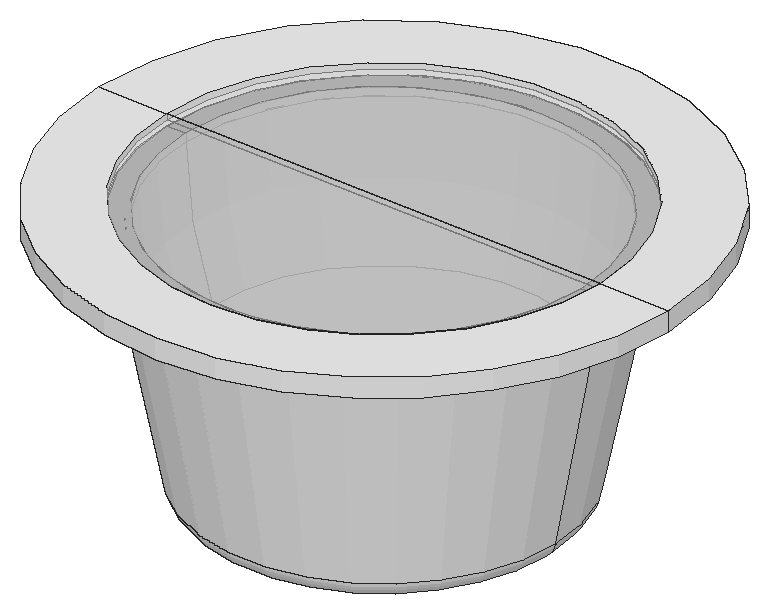
Revit family "2060542+2039013 Sylvania Lighting Fixture ASCENT 100 II ARCH 1000 3K DALI 160 with IP54 PC Cover", category Lighting Fixtures, host Face, Revit 2016
Family settings
  Host = Face
  Part Type = Normal
  Round Connector Dimension = Use Diameter
  OmniClass Number = 23.80.70.11.17
  OmniClass Title = Specialized Lighting by Location or Use
  Cut with Voids When Loaded = No
  Light Source = Yes
  Shared = No
  Room Calculation Point = No
Parameters (values of type "2060542+2039013 ASCT100 II ARCH 1000 3K DALI 160 with IP54 PC Cover")
  WidthBezelAcc_SYL = 25.0 mm
  Weight = "1.2 kg"
  Wattage = 7 W
  WarrantyStartDate [instance] = "n/a"
  WarrantyGuarantorParts = "n/a"
  WarrantyDurationUnit = "n/a"
  WarrantyDurationParts = "n/a"
  WarrantyDescription = "n/a"
  built-in parameter 1150110 = 1 (stored number, unit not read)
  Voltage = 0 V
  VisibilityAccessory_SYL = yes
  TypeName = "ASCENT 100 II ARCH 1000 3K DALI 160 with IP54 PC Cover"
  built-in parameter 1114217 = 1 (stored number, unit not read)
  Tilt Angle = -90°
  built-in parameter 1150109 = 1 (stored number, unit not read)
  built-in parameter 1150134 = (empty or 0)
  built-in parameter 1150113 = 1 (stored number, unit not read)
  SerialNumber [instance] = "n/a"
  ReflectorRadius_SYL = Radius_SYL - 14.5 mm  # 80.0 mm
  RadiusAcc_SYL = 105.0 mm
  Radius_SYL = 94.5 mm
  URL = "http://www.sylvania-lighting.com"
  PowerFactor = 0
  PowerConsumption = "7 W"
  Photometric Web File = "2060542.ies"
  NominalWidth = 0.0 mm
  NominalLength = 0.0 mm
  NominalHeight = 94.0 mm
  Name = "ASCENT 100 II ARCH 1000 3K DALI 160 with IP54 PC Cover"
  ModelReference = "ASCENT 100 II ARCH 1000 3K DALI 160 with IP54 PC Cover"
  ModelNumber = "2060542+2039013"
  Material_4_SYL = none
  Material_3_SYL = Polycarbonate_Sylvania_Ascent_Clear
  Material_2_SYL = Aluminium_Sylvania_Ascent_Silver
  Material_1_SYL = Aluminum_Sylvania_Ascent_White
  Material = "aluminium housing, arcylic diffuser"
  ManufacturerName = "Feilo Sylvania"
  LuminousEfficacy = "138 lm/W"
  built-in parameter 1150105 = 76.872 (stored number, unit not read)
  Lumens = 966 lm
  LuminaireType = ""
  built-in parameter 1150115 = 1 (stored number, unit not read)
  LightOutputRatio = "100"
  built-in parameter 1150137 = (empty or 0)
  built-in parameter 1150139 = (empty or 0)
  LampsType = Lamp  # "LED"
  LampNominalLuminous = "968 lm"
  LampMacAdamStep = "3"
  LampColourTemperature = "3000 K"
  LampColourRenderingIndex = "80"
  built-in parameter 1150112 = 1 (stored number, unit not read)
  built-in parameter 1150114 = 1 (stored number, unit not read)
  Keynote = "16500"
  InstallationDate [instance] = "n/a"
  InputVoltage = "n/a"
  InputNominalFrequency = "n/a"
  built-in parameter 1150132 = (empty or 0)
  built-in parameter 1150102 = (empty or 0)
  built-in parameter 1150107 = 3000 (stored number, unit not read)
  built-in parameter 1150138 = (empty or 0)
  IngressProtection = "IP54"
  ImpactProtectionIndex = "IK02"
  built-in parameter 1150106 = 0.76872 (stored number, unit not read)
  IfcExportType = "IfcLightFixtureType"
  IfcExportAs = "IfcLightFixtureType"
  Height_SYL = 94.0 mm
  HeightAcc_SYL = 7.0 mm
  ExpectedLife = 50000
  EmittionSurface_SYL = if(VisibilityAccessory_SYL, 7.0 mm, 3.0 mm)  # 7.0 mm
  Emit from Circle Diameter = DiffuserRadius_SYL * 2  # 146.0 mm
  Emit Shape Visible in Rendering = no
  ElectricShockClassification = "Class II"
  built-in parameter 1150104 = 12.821 (stored number, unit not read)
  DurationUnit = "hours"
  DocumentationLiterature = "http://www.sylvania-lighting.com/product/en-int/products/2060542"
  DimmingControlOptions = "n/a"
  Dimming Lamp Color Temperature Shift = <None>
  DiffuserRadius_SYL = ReflectorRadius_SYL - 7.0 mm  # 73.0 mm
  Diameter_SYL = 2 * Radius_SYL  # 189.0 mm
  CutoutDiameter_SYL = Diameter_SYL - 13.0 mm  # 176.0 mm
  CreatedOn = "9/17/2018"
  CreatedBy = "@sylvania-lighting.com"
  Color Filter = 16777215
  built-in parameter 1114216 [instance] = 1 (stored number, unit not read)
  Model = "ASCENT 100 II ARCH 1000 3K DALI 160 with IP54 PC Cover"
  Manufacturer = "Feilo Sylvania"
  Lamp = "LED"
  Description = "Direct LED retro fit for original LED 100 Arch (160) single CFL lamp offering Matching lumen levels and improved light distribution of original LED 100 CFL lamp equivalents Typically half the power consumption compared to CFL Up to 112lm/W 160mm aperture Architectural reflector accepts range of glass accessories from existing LED 100 Arch 160 offering HE, HO and VHO versions equivalent of single 1 x 18W, 1 x 32W, 1 x 42W\r\n Additional VVHO versions which offer the performance circa 2 x 32W equivalent"  # constant formula
  Default Elevation = 0.0 mm
  built-in parameter 1140040 [instance] = 1
  BarCode [instance] = "n/a"
  built-in parameter 1114218 = 1 (stored number, unit not read)
  built-in parameter 1150133 = 10 (stored number, unit not read)
  AssetType = "Fixed"
  AssetIdentifier [instance] = "n/a"
  Assembly Code = "D5020200"
  Apparent Load = 7 VA
  Aperture_SYL = 2 * ReflectorRadius_SYL  # 160.0 mm
Reference planes
  plane 1 "Center (Front/Back)": y = 0
  plane 2: z = 0
  plane 3 "Center (Left/Right)": x = 0
  plane 4 "Fixture Bottom": z = 3
  plane 5: z = -52.5
  plane 6 "Fixture Top": z = -91
  plane 7: x = -105
  plane 8: z = 7
  plane 9: x = -80
  plane 10: z = 5
  plane 11: x = -103
Forms (mm)
  Extrusion 1, solid, material "Aluminum_Sylvania_Ascent_White", detail levels fine
    sketch origin (0, 0, 0) x (1, 0, 0) y (0, 1, 0)
      loop
        circle (0, 0) r 94.5
      loop
        circle (0, 0) r 80
    from 0 to 3
  Extrusion 2, void
    sketch origin (0, 0, 0) x (1, 0, 0) y (0, 1, 0)
      loop
        circle (0, 0) r 88
    from -91 to 3
  Revolve 3, solid, material "Aluminum_Sylvania_Ascent_White" <- "Material_1_SYL", detail levels fine
    sketch origin (0, 0, 0) x (1, 0, 0) y (0, 0, 1)
      loop
        line (0, -91.073) -> (0, -89.023) -> (-55.468, -89.014)
        arc (-55.468, -89.014) -> (-59.352, -87.613) -> (-61.54, -84.139) r 6.307
        line (-61.54, -84.139) -> (-77.991, -2.844) -> (-77.991, 0) -> (-80, 0) -> (-80, -3) -> (-63.5, -84.536)
        arc (-63.5, -84.536) -> (-60.643, -89.203) -> (-55.5, -91.073) r 8.291
        line (-55.5, -91.073) -> (0, -91.073)
      axis (0, 0) -> (0, -91.073)
    angle from 0 to 360
  Revolve 4, solid, material "Aluminium_Sylvania_Ascent_Silver" <- "Material_2_SYL", detail levels fine
    sketch origin (0, 0, 0) x (1, 0, 0) y (0, 0, 1)
      loop
        line (-80, 3) -> (-80, 0) -> (-75, 0)
        arc (-75, 0) -> (-72.349, -26.77) -> (-64.5, -52.5) r 136.5
        line (-64.5, -52.5) -> (-58, -52.5)
        arc (-58, -52.5) -> (-56.857, -61.521) -> (-53.5, -69.971) r 36.166
        line (-53.5, -69.971) -> (0, -69.971) -> (0, -50.5) -> (-63.16, -50.5)
        arc (-63.16, -50.5) -> (-70.517, -25.725) -> (-73, 0) r 134.5
        line (-73, 0) -> (-73, 3) -> (-80, 3)
      axis (0, 3) -> (0, -69.971)
    angle from 0 to 360
  Extrusion 5, solid, material "Polycarbonate_Sylvania_Ascent_Clear" <- "Material_3_SYL", detail levels fine
    sketch origin (0, 0, 0) x (1, 0, 0) y (0, 1, 0)
      loop
        circle (0, 0) r 73
    from 0 to 3
  Revolve 6, solid, material "Aluminum_Sylvania_Ascent_White" <- "Material_1_SYL", detail levels coarse+medium
    sketch origin (0, 0, 0) x (1, 0, 0) y (0, 0, 1)
      loop
        line (0, -91.073) -> (0, 3) -> (-94.5, 3) -> (-94.5, 0) -> (-79.5, 0) -> (-79.5, -3) -> (-63, -84.536)
        arc (-63, -84.536) -> (-60.143, -89.203) -> (-55, -91.073) r 8.291
        line (-55, -91.073) -> (0, -91.073)
      axis (0, 3) -> (0, -91.073)
    angle from 0 to 360
  Revolve 7, solid, material "Aluminum_Sylvania_Ascent_White" <- "Material_1_SYL", visible <- "VisibilityAccessory_SYL"
    sketch origin (0, 0, 0) x (1, 0, 0) y (0, 0, 1)
      loop
        line (-105, 0) -> (-103, 0) -> (-103, 5) -> (-80, 5) -> (-80, 7) -> (-105, 7) -> (-105, 0)
      axis (0, 7) -> (0, 0)
    angle from 0 to 360
  Revolve 8, solid, material "Polycarbonate_Sylvania_Ascent_Clear" <- "Material_3_SYL", visible <- "VisibilityAccessory_SYL"
    sketch origin (0, 0, 0) x (1, 0, 0) y (0, 0, 1)
      loop
        line (-80, 7) -> (-80, 5) -> (0, 5) -> (0, 7) -> (-80, 7)
      axis (0, 7) -> (0, 5)
    angle from 0 to 360
Lines and regions (mm)
  reference lines
    curve 1: line (-150, 0, 7) -> (125, 0, 7)
Dimensions and locks
  locked: plane 4 "Fixture Bottom" to plane 2 at 3
  "Height_SYL": plane 4 "Fixture Bottom" to plane 6 "Fixture Top"
  "ReflectorRadius_SYL": plane 3 "Center (Left/Right)" to Revolve 4 sketch curve
  locked: Revolve 4 sketch curve to Revolve 4 sketch curve at 15.5
  locked: Revolve 4 sketch curve to Revolve 4 sketch curve at 5
  locked: Revolve 4 sketch curve to Revolve 4 sketch curve at 7
  locked: Revolve 4 sketch curve to Revolve 4 sketch curve at 22
  locked: Revolve 4 sketch curve to Revolve 4 sketch curve at 26.5
  locked: Revolve 3 sketch curve to Revolve 3 sketch curve at 16.5
  locked: Revolve 3 sketch curve to Revolve 3 sketch curve at 24.5
  "ReflectorRadius_SYL": Revolve 3 sketch curve to plane 3 "Center (Left/Right)"
  locked: Revolve 3 sketch curve to plane 6 "Fixture Top" at 6.464
  locked: plane 2 to Revolve 3 sketch curve at 3
  locked: Revolve 3 sketch curve to Revolve 3 sketch curve at 2
  locked: Revolve 3 sketch curve to Revolve 3 sketch curve at 2.009
  locked: plane 2 to plane 5 at 52.5
  locked: Revolve 6 sketch curve to Revolve 6 sketch curve at 31.5
  locked: Revolve 6 sketch curve to Revolve 6 sketch curve at 39.5
  locked: Revolve 6 sketch curve to Revolve 6 sketch curve at 15
  "Radius_SYL": plane 3 "Center (Left/Right)" to Revolve 6 sketch curve
  "RadiusAcc_SYL": plane 3 "Center (Left/Right)" to plane 7
  "HeightAcc_SYL": plane 8 to level
  "WidthBezelAcc_SYL": plane 7 to plane 9
  locked: plane 7 to plane 11 at 2
  locked: plane 8 to plane 10 at 2
  "EmittionSurface_SYL": curve 1 to level
  "CutoutDiameter_SYL": diameter of Extrusion 2 sketch curve
  "ReflectorRadius_SYL": radius of Extrusion 1 sketch curve
  "DiffuserRadius_SYL": radius of Extrusion 5 sketch curve
  "Radius_SYL": radius of Extrusion 1 sketch curve
  aligned and locked: host face to plane 2
  aligned and locked: host face to level
  aligned and locked: plane 4 "Fixture Bottom" to Extrusion 1
  aligned and locked: Extrusion 1 to plane 2
  aligned and locked: Revolve 3 sketch curve to plane 3 "Center (Left/Right)"
  aligned and locked: Revolve 4 sketch curve to plane 3 "Center (Left/Right)"  (x2)
  aligned and locked: plane 4 "Fixture Bottom" to Revolve 4 sketch curve
  aligned and locked: Extrusion 5 to plane 2
  aligned and locked: plane 2 to Revolve 3 sketch curve  (x2)
  aligned and locked: Revolve 6 sketch curve to plane 3 "Center (Left/Right)"
  aligned and locked: plane 6 "Fixture Top" to Extrusion 2
  aligned and locked: Revolve 7 sketch curve to plane 3 "Center (Left/Right)"
  aligned and locked: host face to Revolve 7 sketch curve  (x2)
  aligned and locked: Revolve 7 sketch curve to plane 7
  aligned and locked: plane 8 to Revolve 7 sketch curve
  aligned and locked: plane 9 to Revolve 7 sketch curve
  aligned and locked: Revolve 7 sketch curve to plane 10
  aligned and locked: plane 11 to Revolve 7 sketch curve
  aligned and locked: Revolve 7 to Revolve 8 sketch curve
  aligned and locked: Revolve 8 sketch curve to Revolve 7  (x2)
  aligned and locked: Revolve 8 sketch curve to plane 3 "Center (Left/Right)"  (x2)
  aligned and locked: plane 3 "Center (Left/Right)" to imposter light
  aligned and locked: imposter light to plane 1 "Center (Front/Back)"
  aligned and locked: imposter light to curve 1
Automatic sketch dimensions
  plane 1 "Center (Front/Back)" to Extrusion 2 sketch curve = 0.0 mm
  Extrusion 2 sketch curve to plane 3 "Center (Left/Right)" = 0.0 mm
  Extrusion 1 sketch curve to Extrusion 1 sketch curve = 0.0 mm  (x2)
  plane 1 "Center (Front/Back)" to Extrusion 1 sketch curve = 0.0 mm
  Extrusion 1 sketch curve to plane 3 "Center (Left/Right)" = 0.0 mm
  plane 6 "Fixture Top" to Revolve 3 sketch curve = 0.073 mm
  Revolve 3 sketch curve to plane 6 "Fixture Top" = 6.861 mm
  Revolve 3 sketch curve to Revolve 3 sketch curve = 0.003 mm
  Revolve 3 sketch curve to Revolve 3 sketch curve = 0.009 mm  (x2)
  Revolve 3 sketch curve to Revolve 3 sketch curve = 0.023 mm
  Revolve 3 sketch curve to Revolve 3 sketch curve = 0.072 mm
  Revolve 3 sketch curve to Revolve 3 sketch curve = 0.008 mm
  Revolve 3 sketch curve to plane 6 "Fixture Top" = 1.977 mm
  Revolve 3 sketch curve to Revolve 3 sketch curve = 33.496 mm
  Revolve 3 sketch curve to Revolve 3 sketch curve = 0.028 mm
  plane 4 "Fixture Bottom" to Revolve 3 sketch curve = 82.431 mm
  Revolve 4 sketch curve to Revolve 4 sketch curve = 0.0 mm  (x2)
  Revolve 4 sketch curve to plane 5 = 0.0 mm
  Revolve 4 sketch curve to level = 0.0 mm
  plane 5 to Revolve 4 sketch curve = 2.0 mm
  plane 4 "Fixture Bottom" to Revolve 4 sketch curve = 9.642 mm
  plane 1 "Center (Front/Back)" to Extrusion 5 sketch curve = 0.0 mm
  Extrusion 5 sketch curve to plane 3 "Center (Left/Right)" = 0.0 mm
  Revolve 4 sketch curve to level = 69.971 mm
  Revolve 4 sketch curve to Revolve 4 sketch curve = 2.387 mm
  Revolve 6 sketch curve to level = 0.0 mm
  Revolve 6 sketch curve to plane 3 "Center (Left/Right)" = 0.0 mm
  Revolve 6 sketch curve to Revolve 6 sketch curve = 8.104 mm
  Revolve 6 sketch curve to level = 3.0 mm
  Revolve 6 sketch curve to plane 6 "Fixture Top" = 6.464 mm
  plane 6 "Fixture Top" to Revolve 6 sketch curve = 0.073 mm
  Revolve 6 sketch curve to Revolve 6 sketch curve = 33.496 mm
  plane 4 "Fixture Bottom" to Revolve 6 sketch curve = 82.431 mm
  host sketch curve to host sketch curve = 1704.996 mm
  host sketch curve to host sketch curve = 1500.0 mm
  plane 6 "Fixture Top" to Revolve 7 sketch curve = 281.274 mm
  Revolve 7 sketch curve to plane 8 = 1140.706 mm
  plane 6 "Fixture Top" to Revolve 8 sketch curve = 281.274 mm
  Revolve 8 sketch curve to Revolve 8 sketch curve = 1140.706 mm
  Revolve 3 sketch curve to plane 3 "Center (Left/Right)" = 0.0 mm
  Revolve 6 sketch curve to plane 4 "Fixture Bottom" = 0.0 mm
  plane 7 to curve 1 = 45.0 mm
  plane 3 "Center (Left/Right)" to curve 1 = 125.0 mm
Connectors
  electrical at (0, 0, -91.073), driven by "Apparent Load"
    settings: on Revolve 3, index 1, voltage 240 V, apparent load 0 VA, apparent load phase1 7 VA, apparent load phase2 0 VA, apparent load phase3 0 VA, power factor 1, load classification "Lighting", number of poles 1, system type 31, power factor state 1, is connector primary yes, connector utility no, sub classification motor no, connector description ""
